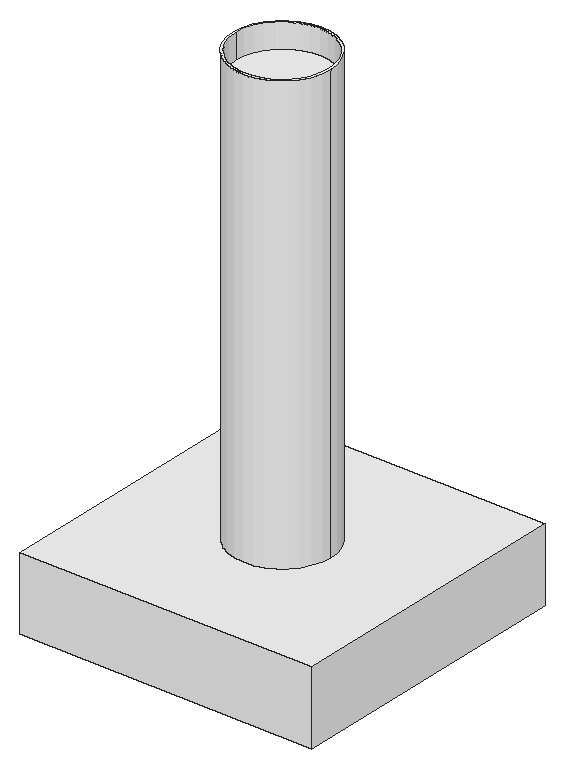
Revit family "Voila 2 Cylinder Surface", category Lighting Fixtures, host Face, Revit 2015
Parameters
  Wattage = 9.2903 W
  built-in parameter 1150110 = 1 (stored number, unit not read)
  Voltage = if([120 Volts], 120 V, if([277 Volts], 277 V, if([277 Volts], 347 V, if([UNV 120 Volts-277 Volts], 120 V, 120 V))))  # 120 V
  URL = "http://www.lumenwerx.com"
  UNV 120 Volts-277 Volts = no
  built-in parameter 1114217 = 1 (stored number, unit not read)
  Tilt Angle = -90.00°  # constant formula
  built-in parameter 1150109 = 1 (stored number, unit not read)
  built-in parameter 1150134 = 3
  built-in parameter 1150113 = 1 (stored number, unit not read)
  Photometric Web File = "Generic"
  Optics = Lumenwerx CS Lens
  Mounting Height = if(Conduit Feed, 1.5", 0")  # 1.5"
  Model = "Voila 2 Cylinder Surface"  # constant formula
  Manufacturer = "Lumenwerx"  # constant formula
  built-in parameter 1150105 = 109.82 (stored number, unit not read)
  Lumens = 1380 lm
  built-in parameter 1150115 = 1 (stored number, unit not read)
  Luminaire ID = "VO2CYS"
  Link to Product Page = ""
  Link to IES File = ""
  built-in parameter 1150137 = (empty or 0)
  built-in parameter 1150139 = (empty or 0)
  built-in parameter 1150112 = 1 (stored number, unit not read)
  built-in parameter 1150114 = 1 (stored number, unit not read)
  Lamp = "LED"  # constant formula
  built-in parameter 1150132 = (empty or 0)
  built-in parameter 1150102 = (empty or 0)
  built-in parameter 1150107 = 3200 (stored number, unit not read)
  built-in parameter 1150138 = (empty or 0)
  built-in parameter 1150106 = 1.0982 (stored number, unit not read)
  Fixture Width = 2"
  Fixture Height = 9"
  Finish = Lumenwerx Standard White
  built-in parameter 1150104 = 13.8 (stored number, unit not read)
  Dimming Lamp Color Temperature Shift = <None>
  Default Elevation = 48"
  Conduit Feed = yes
  Color Temperature = 0 K
  Color Filter = 16777215
  built-in parameter 1114218 = 1 (stored number, unit not read)
  built-in parameter 1150133 = 10 (stored number, unit not read)
  Apparent Load = 0 VA
  347 Volts = no
  277 Volts = no
  120 Volts = yes
Reference planes (in)
  plane 1 "Center (Front/Back)": y = 0
  plane 2: z = 0
  plane 3 "Center (Left/Right)": x = 0
Forms (in)
  Revolve 1, solid, not visible
    sketch origin (0, 0, 0) x (1, 0, 0) y (0, 0, 1)
      loop
        line (0, 0.25) -> (-1, 0.25) -> (-1, 0) -> (-0.96777, 0) -> (-0.96777, 0.21676) -> (0, 0.21676) -> (0, 0.25)
      axis (0, 0.25) -> (0, 0)
    angle from 0 to 360
  Revolve 2, solid, not visible
    sketch origin (0, 0, -2.75) x (1, 0, 0) y (0, 0, 1)
      loop
        line (0, 3) -> (0.175, 3) -> (0.175, 4) -> (0, 4) -> (0, 3)
      axis (0, 4) -> (0, 3)
    angle from 0 to 360
  Revolve 3, solid, not visible
    sketch origin (0, 0, 0) x (1, 0, 0) y (0, 0, 1)
      loop
        line (0, 1.25) -> (0, 11.25) -> (-0.03134, 11.25) -> (-0.03134, 1.25) -> (0, 1.25)
      axis (0, 1.25) -> (0, 11.25)
    angle from 0 to 360
  Extrusion 4, solid, material "Lumenwerx Standard White" <- "Finish", not visible
    sketch origin (0, 0, 0) x (1, 0, 0) y (0, 1, 0)
      loop
        line (-1.91, 0.66) -> (-1.91, -0.66) -> (1.91, -0.66) -> (1.91, 0.66) -> (-1.91, 0.66)
    from 31.6 to 32
  Extrusion 5, void, not visible
    sketch origin (0, 0, 0) x (1, 0, 0) y (0, 1, 0)
      loop
        line (-1.86, 0.61) -> (-1.86, -0.61) -> (-0.66, -0.61) -> (-0.66, 0.61) -> (-1.86, 0.61)
      loop
        line (1.86, -0.61) -> (1.86, 0.61) -> (0.66, 0.61) -> (0.66, -0.61) -> (1.86, -0.61)
      loop
        line (-0.6, 0.61) -> (-0.6, -0.61) -> (0.6, -0.61) -> (0.6, 0.61) -> (-0.6, 0.61)
    from 32 to 31.6
  Extrusion 6, solid, material "Lumenwerx Standard White" <- "Finish"
    sketch origin (0, 0, 0) x (1, 0, 0) y (0, 1, 0)
      loop
        circle (0, 0) r 1
    from 1.5 to 10.5
  Extrusion 7, void
    sketch origin (0, 0, 0) x (1, 0, 0) y (0, 1, 0)
      loop
        circle (0, 0) r 0.96
    from 1.5 to 10.5
  Extrusion 8, solid, material "Lumenwerx CS Lens" <- "Optics"
    sketch origin (0, 0, 0) x (1, 0, 0) y (0, 1, 0)
      loop
        circle (0, 0) r 0.96
    from 9.93 to 10
  Extrusion 9, solid, material "Lumenwerx Standard White" <- "Finish", visible <- "Conduit Feed"
    sketch origin (0, 0, 0) x (1, 0, 0) y (0, 1, 0)
      loop
        line (-3, 3) -> (-3, -3) -> (3, -3) -> (3, 3) -> (-3, 3)
    from 0 to 1.5
Cuts and joins
  Extrusion 7 cuts Extrusion 6
Lines and regions (in)
  reference lines
    curve 1: line (0, 29.015, 10.5) -> (0, -29.735, 10.5)
    curve 2: line (0, 29.015, 1.5) -> (0, -29.735, 1.5)
    curve 3: line (-2, 0, -16) -> (-2, 0, 67.75)
    curve 4: line (2, 0, -16) -> (2, 0, 67.75)
    curve 5: line (0, -1, -16) -> (0, -1, 47.5)
    curve 6: line (0, 1, 63.77586) -> (0, 1, -24)
    curve 7: line (-32.56803, 0, 36) -> (37.43197, 0, 36)
    curve 8: line (-32.56803, 1, 0) -> (37.43197, 1, 0)
    curve 9: line (37.43197, -1, 0) -> (-32.56803, -1, 0)
    curve 10: line (0, 12, 10) -> (0, -12, 10)
    curve 11: line (0, 12, 9.93) -> (0, -12, 9.93)
Dimensions and locks (in)
  curve 4 to curve 3 = 4"
  "Fixture Height": curve 2 to curve 1
  equal spacing: curve 4, plane 3 "Center (Left/Right)", curve 3
  equal spacing: curve 6, curve 3, curve 5
  "Fixture Width": curve 6 to curve 5
  connector elem to curve 4 = 2"
  curve 7 to host face = 36"
  "Mounting Height": host face to curve 2
  equal spacing: curve 9, curve 7, curve 8
  "Fixture Width": curve 9 to curve 8
  curve 10 to curve 1 = 0.5"
  aligned and locked: plane 2 to host face
  aligned and locked: level to host face
  aligned and locked: imposter light to plane 1 "Center (Front/Back)"
  aligned and locked: Extrusion 6 to curve 1
  aligned and locked: curve 2 to Extrusion 6
  aligned and locked: Extrusion 8 to curve 10
  aligned and locked: curve 11 to Extrusion 8
  aligned and locked: imposter light to curve 10
  aligned and locked: cut or joined group of Extrusion 6, Extrusion 7 to curve 1
  aligned and locked: curve 2 to cut or joined group of Extrusion 6, Extrusion 7
Automatic sketch dimensions
  Revolve 1 sketch curve to Revolve 1 sketch curve = 0.96777"
  Revolve 1 sketch curve to Revolve 1 sketch curve = 0.03324"
  Revolve 1 sketch curve to Revolve 1 sketch curve = 0"
  Revolve 1 sketch curve to Revolve 1 sketch curve = 0.11081"
  Revolve 2 sketch curve to Revolve 2 sketch curve = 0.175"
  Revolve 2 sketch curve to Revolve 2 sketch curve = 1"
  Revolve 2 sketch curve to Revolve 2 sketch curve = 0"  (x2)
  Revolve 2 sketch curve to Revolve 2 sketch curve = 0.5"
  Revolve 3 sketch curve to Revolve 3 sketch curve = 10"
  Revolve 3 sketch curve to Revolve 3 sketch curve = 0"  (x2)
  Revolve 3 sketch curve to Revolve 3 sketch curve = 1.25"
  Revolve 1 sketch curve to Revolve 1 sketch curve = 0.03223"
  Revolve 1 sketch curve to Revolve 1 sketch curve = 0.21676"  (x2)
  Revolve 3 sketch curve to Revolve 3 sketch curve = 0.03134"
  host sketch curve to host sketch curve = 96"  (x2)
  Extrusion 5 sketch curve to Extrusion 5 sketch curve = 0.06"  (x2)
  Extrusion 5 sketch curve to Extrusion 5 sketch curve = 1.2"  (x3)
  Extrusion 5 sketch curve to Extrusion 5 sketch curve = 0"  (x3)
  Extrusion 4 sketch curve to Extrusion 4 sketch curve = 3.82"
  Extrusion 4 sketch curve to Extrusion 4 sketch curve = 1.32"
  Extrusion 5 sketch curve to Extrusion 5 sketch curve = 1.22"  (x2)
  curve 7 to plane 3 "Center (Left/Right)" = 32.56803"
  plane 3 "Center (Left/Right)" to curve 7 = 37.43197"
  curve 3 to level = 16"
  curve 4 to curve 3 = 0"
  curve 7 to curve 4 = 31.75"
  curve 3 to curve 4 = 0"
  plane 1 "Center (Front/Back)" to Extrusion 6 sketch curve = 0"
  Extrusion 6 sketch curve to plane 3 "Center (Left/Right)" = 0"
  plane 1 "Center (Front/Back)" to Extrusion 7 sketch curve = 0"
  Extrusion 7 sketch curve to plane 3 "Center (Left/Right)" = 0"
  plane 1 "Center (Front/Back)" to Extrusion 8 sketch curve = 0"
  Extrusion 8 sketch curve to plane 3 "Center (Left/Right)" = 0"
  plane 3 "Center (Left/Right)" to Extrusion 9 sketch curve = 3"
  plane 1 "Center (Front/Back)" to Extrusion 9 sketch curve = 3"
  Extrusion 9 sketch curve to plane 1 "Center (Front/Back)" = 3"
  Extrusion 9 sketch curve to plane 3 "Center (Left/Right)" = 3"
  curve 9 to plane 3 "Center (Left/Right)" = 32.56803"
  curve 8 to curve 9 = 0"  (x2)
  plane 3 "Center (Left/Right)" to curve 9 = 37.43197"
  plane 1 "Center (Front/Back)" to curve 11 = 12"
  curve 10 to curve 11 = 0"  (x2)
  curve 2 to curve 11 = 17.735"
  curve 1 to curve 2 = 0"
  curve 11 to plane 1 "Center (Front/Back)" = 12"
  curve 10 to curve 1 = 17.015"
  curve 2 to curve 1 = 0"
  curve 5 to level = 16"
  curve 6 to curve 5 = 8"
  curve 11 to curve 10 = 0.07"
  curve 10 to curve 5 = 37.5"
  curve 5 to curve 6 = 16.27586"
  radius of Extrusion 6 sketch curve = 1"
  radius of Extrusion 7 sketch curve = 0.96"
  radius of Extrusion 8 sketch curve = 0.96"
Connectors (in)
  electrical at (0, 0, 0), driven by "Voltage"
    settings: index 1, voltage 120 V, apparent load 0 VA, apparent load phase1 0 VA, apparent load phase2 0 VA, apparent load phase3 0 VA, power factor 1, load classification "Other", number of poles 1, system type 31, power factor state 1, is connector primary yes, connector utility no, sub classification motor no, connector description ""
